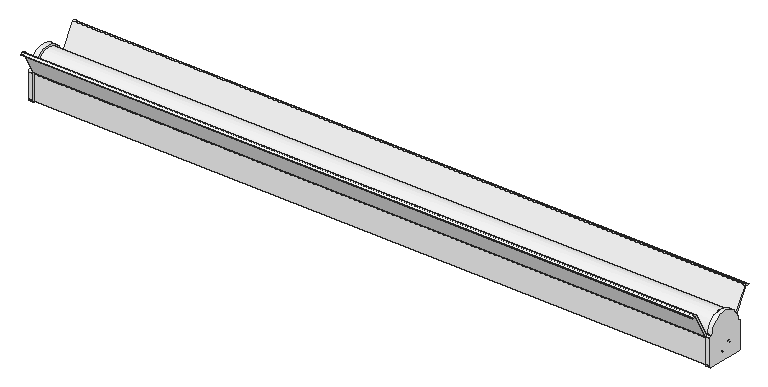
Revit family "0045191+0045233 Feilo Sylvania Lighting Fixture SYLBATTEN LED5-5 NW DALI TP5 with SYMMETRIC REFLECTOR ACCESSORY 1200MM", category Lighting Fixtures, host Face, Revit 2017
Family settings
  Host = Face
  Round Connector Dimension = Use Diameter
  Part Type = Normal
  OmniClass Number = 23.80.70.00
  OmniClass Title = Lighting
  Cut with Voids When Loaded = No
  Light Source = Yes
  Shared = No
  Room Calculation Point = No
Parameters (values of type "0045191 SYLBATTEN LED5.5 NW DALI TP5")
  Width_FEILO = 66 mm
  Weight = "2.6 kg"
  Wattage Comments = "n/a"
  Wattage = 53 W
  WarrantyStartDate [instance] = "n/a"
  WarrantyGuarantorParts = "n/a"
  WarrantyDurationUnit = "n/a"
  WarrantyDurationParts = "n/a"
  WarrantyDescription = "n/a"
  built-in parameter 1150110 = 1 (stored number, unit not read)
  Voltage = 230 V
  URL = "http://www.sylvania-lighting.com"
  TypeName = "SYLBATTEN LED5.5 NW DALI TP5"
  Type Image = <None>
  Type Comments = "n/a"
  built-in parameter 1114217 = 1 (stored number, unit not read)
  Tilt Angle = -90.00°
  built-in parameter 1150109 = 1 (stored number, unit not read)
  built-in parameter 1150134 = 12
  SymReflector_FEILO = yes
  built-in parameter 1150113 = 1 (stored number, unit not read)
  SerialNumber [instance] = "n/a"
  PowerFactor = 0
  PowerConsumption = "53 W"
  Photometric Web File = "0045191+0045233.ies"
  NominalLength = 1205 mm
  NominalHeight = 76 mm
  NominalDepth = 66 mm
  Name = "SYLBATTEN LED5.5 NW DALI TP5"
  ModelReference = Name  # "SYLBATTEN LED5.5 NW DALI TP5"
  ModelNumber = "0045191"
  Model = Name  # "SYLBATTEN LED5.5 NW DALI TP5"
  Material_4_FEILO = Reflector-Sylvania-Sylbatten-White
  Material_3_FEILO = Diffuser-Sylvania-Sylbatten-Glow
  Material_2_FEILO = Body-Sylvania-Sylbatten-White
  Material_1_FEILO = Body-Sylvania-Sylbatten-White
  Material = "sheet steel housing, polycarbonate diffuser"
  ManufacturerName = "Feilo Sylvania"
  Manufacturer = "Feilo Sylvania"
  LuminousEfficacy = "106.2 lm/W"
  built-in parameter 1150105 = 447.99 (stored number, unit not read)
  Lumens = 5629.66 lm
  LuminaireType = ""
  built-in parameter 1150115 = 1 (stored number, unit not read)
  LightOutputRatio = "100"
  built-in parameter 1150137 = (empty or 0)
  built-in parameter 1150139 = (empty or 0)
  Length_FEILO = 1205 mm
  LampsType = Lamp  # "LED"
  LampNominalLuminous = "5630 lm"
  LampMacAdamStep = "n/a"
  LampColourTemperature = "4000 K"
  LampColourRenderingIndex = "80"
  built-in parameter 1150112 = 1 (stored number, unit not read)
  built-in parameter 1150114 = 1 (stored number, unit not read)
  Lamp = "LED"
  Keynote = "16500"
  InstallationDate [instance] = "n/a"
  InputVoltage = "220-240V~"
  InputNominalFrequency = "n/a"
  built-in parameter 1150132 = (empty or 0)
  built-in parameter 1150102 = (empty or 0)
  built-in parameter 1150107 = 4000 (stored number, unit not read)
  built-in parameter 1150138 = (empty or 0)
  IngressProtection = "IP20"
  ImpactProtectionIndex = "IK07"
  built-in parameter 1150106 = 4.4799 (stored number, unit not read)
  IfcExportType = "IfcLightFixtureType"
  IfcExportAs = "IfcLightFixtureType"
  Height_FEILO = 76 mm
  ExpectedLife = 50000
  Emit from Rectangle Width = Length_FEILO - 16 mm  # 1189 mm
  Emit from Rectangle Length = Width_FEILO - 40 mm  # 26 mm
  Emit Shape Visible in Rendering = no
  ElectricShockClassification = "Class I"
  built-in parameter 1150104 = 9.8682 (stored number, unit not read)
  DurationUnit = "hours"
  DocumentationLiterature = "http://www.sylvania-lighting.com/product/en-int/products/0045191"
  DimmingControlOptions = "Dimmable"
  Dimming Lamp Color Temperature Shift = <None>
  Description = "LED batten, T8 replacement, ease of installation through 2 part push-in design of the housing (safety cable included), through wiring capability (TP5 = 5 core), sheet steel, 5630LM, 53W, 106lm/W, 4000K, drive current: 350mA, CRI 80, 138° wide beam angle, DALI dimmable, IP20, IK07, 50,000 hrs (L70), (LxWxH) 1205x66x76mm, 5 step MacAdam ellipse, 3kg, white RAL 9016, Class 1, 220-240V, energy class: A++, A+, A."
  Default Elevation = 1219.2 mm
  CreatedOn = "2/22/2018"
  CreatedBy = ""
  Cost = 0
  Color Filter = 16777215
  built-in parameter 1114216 [instance] = (empty or 0)
  ClassificationValue = "EF_70_80"
  ClassificationName = "Uniclass2015"
  CapOffset_FEILO = 2 mm
  BarCode [instance] = "n/a"
  built-in parameter 1114218 = 1 (stored number, unit not read)
  BackReflector_FEILO = and(not(AsymReflector_FEILO), SymReflector_FEILO)  # yes
  built-in parameter 1150133 = 10 (stored number, unit not read)
  FrontReflector_FEILO = or(AsymReflector_FEILO, SymReflector_FEILO)  # yes
  AsymReflector_FEILO = no
  AssetType = "Fixed"
  AssetIdentifier [instance] = "n/a"
  Assembly Code = "D5020200"
  Apparent Load = 53 VA
Reference planes
  plane 1 "Center (Front/Back)": y = 0
  plane 2: z = 0
  plane 3 "Center (Left/Right)": x = 0
  plane 4: x = 602.5
  plane 5: x = -602.5
  plane 6: y = 33
  plane 7: y = -33
  plane 8: z = 76
  plane 9: z = 47
  plane 10: y = -29
  plane 11: y = 29
  plane 12: z = 20
  plane 13: z = 74
  plane 14: y = -31
  plane 15: y = -27
  plane 16: y = 27
  plane 17: y = 31
  plane 18: z = 2
  plane 19: x = -594.5
  plane 20: x = 594.5
  plane 21: z = 49
  plane 22: y = 1
  plane 23: y = -1
  plane 24: z = 21
  plane 25: z = 19
  plane 26: y = -61
  plane 27: y = 61
  plane 28: y = -56
  plane 29: y = 56
  plane 30: z = 91
  plane 31: z = 88
Forms (mm)
  Extrusion 1, solid, material "Body-Sylvania-Sylbatten-White" <- "Material_2_FEILO"
    sketch origin (0, 0, 0) x (0, 1, 0) y (0, 0, 1)
      loop
        line (-31, 2) -> (31, 2) -> (31, 45)
        arc (31, 45) -> (30.414, 46.414) -> (29, 47) r 2
        line (29, 47) -> (27, 47)
        arc (27, 47) -> (0, 74) -> (-27, 47) r 27
        line (-27, 47) -> (-29, 47)
        arc (-29, 47) -> (-30.414, 46.414) -> (-31, 45) r 2
        line (-31, 45) -> (-31, 2)
    from -594.5 to 594.5
  Extrusion 2, solid, material "Body-Sylvania-Sylbatten-White" <- "Material_2_FEILO"
    sketch origin (602.5, 1524, 1219.2) x (0, 1, 0) y (0, 0, 1)
      loop
        arc (-1494, -1219.2) -> (-1491.879, -1218.321) -> (-1491, -1216.2) r 3
        line (-1491, -1216.2) -> (-1491, -1173.2)
        arc (-1491, -1173.2) -> (-1491.879, -1171.079) -> (-1494, -1170.2) r 3
        line (-1494, -1170.2) -> (-1495.069, -1170.2)
        arc (-1495.069, -1170.2) -> (-1524, -1143.2) -> (-1552.931, -1170.2) r 29
        line (-1552.931, -1170.2) -> (-1554, -1170.2)
        arc (-1554, -1170.2) -> (-1556.121, -1171.079) -> (-1557, -1173.2) r 3
        line (-1557, -1173.2) -> (-1557, -1216.2)
        arc (-1557, -1216.2) -> (-1556.121, -1218.321) -> (-1554, -1219.2) r 3
        line (-1554, -1219.2) -> (-1494, -1219.2)
      loop
        arc (-1525, -1189.25) -> (-1531.071, -1192.129) -> (-1533.95, -1198.2) r 10
        line (-1533.95, -1198.2) -> (-1532.944, -1198.2)
        arc (-1532.944, -1198.2) -> (-1530.364, -1192.836) -> (-1525, -1190.256) r 9
        line (-1525, -1190.256) -> (-1525, -1189.25)
      loop
        arc (-1523, -1190.256) -> (-1517.636, -1192.836) -> (-1515.056, -1198.2) r 9
        line (-1515.056, -1198.2) -> (-1514.05, -1198.2)
        arc (-1514.05, -1198.2) -> (-1516.929, -1192.129) -> (-1523, -1189.25) r 10
        line (-1523, -1189.25) -> (-1523, -1190.256)
      loop
        line (-1532.944, -1200.2) -> (-1533.95, -1200.2)
        arc (-1533.95, -1200.2) -> (-1531.071, -1206.271) -> (-1525, -1209.15) r 10
        line (-1525, -1209.15) -> (-1525, -1208.144)
        arc (-1525, -1208.144) -> (-1530.364, -1205.564) -> (-1532.944, -1200.2) r 9
      loop
        arc (-1515.056, -1200.2) -> (-1517.636, -1205.564) -> (-1523, -1208.144) r 9
        line (-1523, -1208.144) -> (-1523, -1209.15)
        arc (-1523, -1209.15) -> (-1516.929, -1206.271) -> (-1514.05, -1200.2) r 10
        line (-1514.05, -1200.2) -> (-1515.056, -1200.2)
    from 0 to -8
  Extrusion 3, solid, material "Body-Sylvania-Sylbatten-White" <- "Material_2_FEILO"
    sketch origin (-602.5, 1524, 1219.2) x (0, 1, 0) y (0, 0, 1)
      loop
        arc (-1495.069, -1170.2) -> (-1524, -1143.2) -> (-1552.931, -1170.2) r 29
        line (-1552.931, -1170.2) -> (-1554, -1170.2)
        arc (-1554, -1170.2) -> (-1556.121, -1171.079) -> (-1557, -1173.2) r 3
        line (-1557, -1173.2) -> (-1557, -1216.2)
        arc (-1557, -1216.2) -> (-1556.121, -1218.321) -> (-1554, -1219.2) r 3
        line (-1554, -1219.2) -> (-1494, -1219.2)
        arc (-1494, -1219.2) -> (-1491.879, -1218.321) -> (-1491, -1216.2) r 3
        line (-1491, -1216.2) -> (-1491, -1173.2)
        arc (-1491, -1173.2) -> (-1491.879, -1171.079) -> (-1494, -1170.2) r 3
        line (-1494, -1170.2) -> (-1495.069, -1170.2)
      loop
        line (-1533.95, -1198.2) -> (-1532.944, -1198.2)
        arc (-1532.944, -1198.2) -> (-1530.364, -1192.836) -> (-1525, -1190.256) r 9
        line (-1525, -1190.256) -> (-1525, -1189.25)
        arc (-1525, -1189.25) -> (-1531.071, -1192.129) -> (-1533.95, -1198.2) r 10
      loop
        line (-1523, -1189.25) -> (-1523, -1190.256)
        arc (-1523, -1190.256) -> (-1517.636, -1192.836) -> (-1515.056, -1198.2) r 9
        line (-1515.056, -1198.2) -> (-1514.05, -1198.2)
        arc (-1514.05, -1198.2) -> (-1516.929, -1192.129) -> (-1523, -1189.25) r 10
      loop
        line (-1514.05, -1200.2) -> (-1515.056, -1200.2)
        arc (-1515.056, -1200.2) -> (-1517.636, -1205.564) -> (-1523, -1208.144) r 9
        line (-1523, -1208.144) -> (-1523, -1209.15)
        arc (-1523, -1209.15) -> (-1516.929, -1206.271) -> (-1514.05, -1200.2) r 10
      loop
        line (-1525, -1209.15) -> (-1525, -1208.144)
        arc (-1525, -1208.144) -> (-1530.364, -1205.564) -> (-1532.944, -1200.2) r 9
        line (-1532.944, -1200.2) -> (-1533.95, -1200.2)
        arc (-1533.95, -1200.2) -> (-1531.071, -1206.271) -> (-1525, -1209.15) r 10
    from 0 to 8
  Extrusion 4, solid, material "Reflector-Sylvania-Sylbatten-White" <- "Material_4_FEILO", visible <- "FrontReflector_FEILO"
    sketch origin (0, 0, 0) x (0, 1, 0) y (0, 0, 1)
      loop
        line (-61.257, 88.429) -> (-60.743, 87.571) -> (-56.621, 90.044)
        arc (-56.621, 90.044) -> (-56.237, 90.099) -> (-55.929, 89.863) r 0.5
        line (-55.929, 89.863) -> (-31.435, 46.753) -> (-30.565, 47.247) -> (-55.312, 90.802)
        arc (-55.312, 90.802) -> (-55.928, 91.275) -> (-56.696, 91.165) r 1
        line (-56.696, 91.165) -> (-61.257, 88.429)
    from -594.5 to 594.5
  Extrusion 5, solid, material "Reflector-Sylvania-Sylbatten-White" <- "Material_4_FEILO", visible <- "BackReflector_FEILO"
    sketch origin (0, 0, 0) x (0, 1, 0) y (0, 0, 1)
      loop
        line (30.565, 47.247) -> (31.435, 46.753) -> (55.932, 89.868)
        arc (55.932, 89.868) -> (56.245, 90.112) -> (56.638, 90.062) r 0.518
        line (56.638, 90.062) -> (61.033, 87.565) -> (61.527, 88.435) -> (56.682, 91.188)
        arc (56.682, 91.188) -> (55.922, 91.282) -> (55.318, 90.812) r 1
        line (55.318, 90.812) -> (30.565, 47.247)
    from -594.5 to 594.5
Lines and regions (mm)
  reference lines
    curve 1: line (0, -61, 88) -> (0, -56, 91)
    curve 2: line (0, -56, 91) -> (0, -31, 47)
    curve 3: line (0, 31, 47) -> (0, 56, 91)
    curve 4: line (0, 56, 91) -> (0, 61.28, 88)
Dimensions and locks
  equal spacing: plane 5, plane 3 "Center (Left/Right)", plane 4
  equal spacing: plane 7, plane 1 "Center (Front/Back)", plane 6
  "Width_FEILO": plane 7 to plane 6
  "Length_FEILO": plane 5 to plane 4
  "Height_FEILO": plane 8 to plane 2
  locked: plane 9 to plane 8 at 29
  equal spacing: plane 10, plane 1 "Center (Front/Back)", plane 11
  locked: plane 7 to plane 10 at 4
  locked: plane 12 to plane 2 at 20
  "CapOffset_FEILO": plane 13 to plane 8
  "CapOffset_FEILO": plane 7 to plane 14
  "CapOffset_FEILO": plane 10 to plane 15
  "CapOffset_FEILO": plane 17 to plane 6
  "CapOffset_FEILO": plane 16 to plane 11
  "CapOffset_FEILO": plane 18 to plane 2
  locked: plane 14 to Extrusion 1 sketch curve at 2
  locked: Extrusion 1 sketch curve to plane 9 at 2  (x2)
  locked: plane 16 to Extrusion 1 sketch curve at 2
  equal spacing: plane 19, plane 3 "Center (Left/Right)", plane 20
  locked: plane 5 to plane 19 at 8
  "CapOffset_FEILO": plane 9 to plane 21
  locked: Extrusion 2 sketch curve to plane 2 at 47
  locked: Extrusion 1 sketch curve to plane 2 at 47
  locked: Extrusion 2 sketch curve to plane 2 at 3  (x2)
  locked: plane 7 to Extrusion 2 sketch curve at 3  (x2)
  locked: Extrusion 2 sketch curve to plane 6 at 3  (x2)
  locked: Extrusion 2 sketch curve to plane 21 at 3  (x2)
  equal spacing: plane 23, plane 1 "Center (Front/Back)", plane 22
  equal spacing: plane 25, plane 12, plane 24
  plane 30 to plane 31 to plane 2 = 3 mm locked, 88 mm locked
  plane 28 to plane 29 = 112 mm
  plane 26 to plane 27 = 122 mm
  aligned and locked: plane 2 to host face
  aligned and locked: level to host face
  aligned and locked: plane 18 to Extrusion 1 sketch curve
  aligned and locked: plane 14 to Extrusion 1 sketch curve
  aligned and locked: Extrusion 1 sketch curve to plane 9  (x2)
  aligned and locked: Extrusion 1 sketch curve to plane 17
  aligned and locked: plane 15 to Extrusion 1 sketch curve
  aligned and locked: plane 16 to Extrusion 1 sketch curve
  aligned and locked: plane 9 to Extrusion 1 sketch curve
  aligned and locked: plane 20 to Extrusion 1
  aligned and locked: level to Extrusion 2 sketch curve
  aligned and locked: Extrusion 2 sketch curve to plane 7
  aligned and locked: plane 21 to Extrusion 2 sketch curve
  aligned and locked: Extrusion 2 sketch curve to plane 21
  aligned and locked: plane 1 "Center (Front/Back)" to Extrusion 2 sketch curve  (x3)
  aligned and locked: Extrusion 2 to Extrusion 1
  aligned and locked: plane 4 to Extrusion 2
  aligned and locked: plane 12 to Extrusion 2 sketch curve  (x2)
  aligned and locked: Extrusion 2 sketch curve to plane 22
  aligned and locked: Extrusion 2 sketch curve to plane 23
  aligned and locked: Extrusion 2 sketch curve to plane 24
  aligned and locked: Extrusion 2 sketch curve to plane 25
  aligned and locked: plane 25 to Extrusion 2 sketch curve
  aligned and locked: plane 22 to Extrusion 2 sketch curve
  aligned and locked: plane 24 to Extrusion 2 sketch curve
  aligned and locked: plane 23 to Extrusion 2 sketch curve  (x2)
  aligned and locked: Extrusion 3 sketch curve to Extrusion 2  (x22)
  aligned and locked: Extrusion 3 to Extrusion 1
  aligned and locked: Extrusion 3 to plane 5
  aligned and locked: plane 19 to Extrusion 3
  aligned and locked: plane 31 to curve 1
  aligned and locked: plane 30 to curve 1
  aligned and locked: plane 14 to curve 2
  aligned and locked: plane 9 to curve 2
  aligned and locked: plane 17 to curve 3
  aligned and locked: plane 30 to curve 3
  aligned and locked: plane 31 to curve 4
  aligned and locked: Extrusion 4 sketch curve to curve 2
  aligned and locked: Extrusion 4 sketch curve to curve 1
  aligned and locked: Extrusion 4 to Extrusion 1
  aligned and locked: Extrusion 1 to Extrusion 4
  aligned and locked: imposter light to plane 1 "Center (Front/Back)"
  aligned and locked: imposter light to plane 3 "Center (Left/Right)"
  aligned and locked: imposter light to plane 13
  aligned and locked: Extrusion 5 sketch curve to curve 4
  aligned and locked: Extrusion 5 sketch curve to curve 3
  aligned and locked: Extrusion 1 to Extrusion 5
  aligned and locked: Extrusion 5 to Extrusion 1
Automatic sketch dimensions
  host sketch curve to host sketch curve = 2438.4 mm  (x2)
  Extrusion 2 sketch curve to Extrusion 2 sketch curve = 0 mm  (x14)
  Extrusion 2 sketch curve to plane 10 = 0.069 mm
  plane 23 to Extrusion 2 sketch curve = 8.95 mm
  Extrusion 2 sketch curve to Extrusion 2 sketch curve = 1.006 mm  (x4)
  Extrusion 2 sketch curve to plane 22 = 7.944 mm
  curve 1 to plane 26 = 0 mm
  curve 2 to plane 28 = 0 mm
  curve 4 to plane 29 = 0 mm
  plane 9 to curve 3 = 0 mm
  plane 26 to Extrusion 4 sketch curve = 0.257 mm
  Extrusion 4 sketch curve to plane 26 = 0.257 mm
  Extrusion 4 sketch curve to plane 30 = 0.165 mm
  plane 28 to Extrusion 4 sketch curve = 0.696 mm
  plane 28 to Extrusion 4 sketch curve = 0.621 mm
  plane 28 to Extrusion 4 sketch curve = 0.364 mm
  plane 28 to Extrusion 4 sketch curve = 0.182 mm
  Extrusion 4 sketch curve to plane 28 = 0.071 mm
  plane 30 to Extrusion 4 sketch curve = 0.198 mm
  Extrusion 4 sketch curve to plane 28 = 0.688 mm
  plane 9 to Extrusion 4 sketch curve = 0.247 mm
  plane 1 "Center (Front/Back)" to Extrusion 4 sketch curve = 31.435 mm
  Extrusion 5 sketch curve to plane 9 = 0.247 mm
  Extrusion 5 sketch curve to plane 1 "Center (Front/Back)" = 30.565 mm
  plane 9 to Extrusion 5 sketch curve = 0.247 mm
  plane 30 to Extrusion 5 sketch curve = 0.188 mm
  plane 29 to Extrusion 5 sketch curve = 0.068 mm
  Extrusion 5 sketch curve to plane 29 = 0.188 mm
  Extrusion 5 sketch curve to plane 29 = 0.382 mm
  Extrusion 5 sketch curve to Extrusion 5 sketch curve = 0.256 mm
  Extrusion 5 sketch curve to plane 30 = 0.188 mm
  Extrusion 5 sketch curve to plane 29 = 0.682 mm
  Extrusion 5 sketch curve to plane 27 = 0.033 mm
  Extrusion 5 sketch curve to plane 27 = 0.527 mm
Connectors
  electrical at (0, 0, 0), driven by "Apparent Load", driven by "PowerFactor", driven by "Voltage"
    settings: index 1, voltage 230 V, apparent load 53 VA, apparent load phase1 0 VA, apparent load phase2 0 VA, apparent load phase3 0 VA, power factor 0, load classification "Lighting", number of poles 1, system type 30, power factor state 1, is connector primary yes, connector utility no, sub classification motor no, connector description ""
